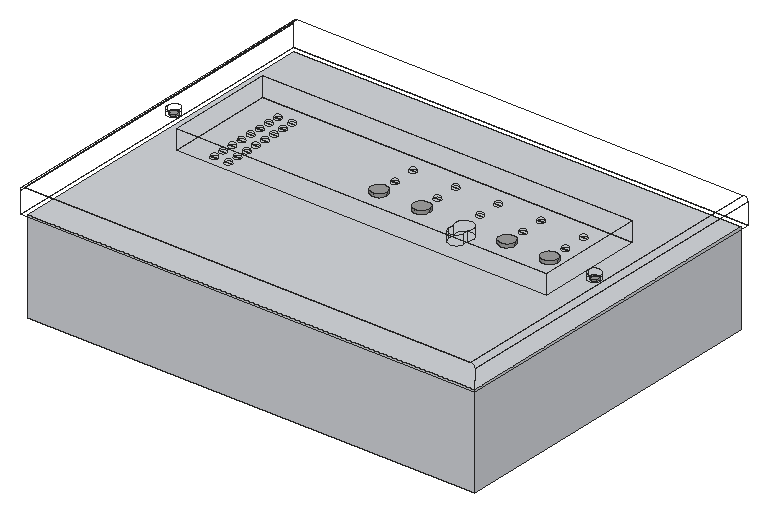
Revit family "Maxlogic Неадресный ПКП маленький корпус", category Fire Alarm Devices, host Face, Revit 2021
Family settings
  Host = Face
  Maintain Annotation Orientation = Yes
  Round Connector Dimension = Use Diameter
  Part Type = Normal
  OmniClass Number = 23.85.30.21
  OmniClass Title = Environmental Detection/Registration
  Cut with Voids When Loaded = No
  Shared = No
  Room Calculation Point = No
Parameters (values of type "Maxlogic Неадресный пожарный приемно-контрольный прибор, 8 шлейфов")
  Вес = "3450 гр"
  Монтажный короб для установки извещателя с поверхностной прокладкой кабеля = ""
  Гарантийный срок = "Года"
  Гарантийный срок запчастей = "2"
  Гарантия срока службы = "2"
  Версия = ""
  URL = "https://www.mavili.com.tr/"
  Монтажный комплект для установки извещателя в подвесной потолок = ""
  Номер позы общественных работ = ""
  Класс защиты = "IP 30"
  Код продукта = "ML-2228"
  Номер телефона = "(+)90 216 466 45 05"
  Рабочее напряжение (по умолчанию) = ""
  Диапазон рабочего напряжения = ""
  Рабочая Температура = "(-5°C) - (+40°C)"
  Номинальная глубина = "90 мм"
  Номинальная ширина = "320 мм"
  Номинальная высота = "240 мм"
  Монтажная поверхность = "Настенная"
  Монтажная высота = ""
  Model = "Maxlogic"
  Manufacturer = "Mavili Elektronik Ticaret A.Ş."
  Инструкция по установке = "https://mavilielektronik.com/Revit/ML222X_enkk.pdf"
  Выход индикации = ""
  Номер факса = "(+)90 216 466 45 10"
  Резервное питание = "220 В Перем. ток"
  Почта = "mavili@mavili.com.tr"
  Отказ = ""
  Настройка адреса устройства = ""
  Description = "Неадресный пожарный приемно-контрольный прибор, 8 шлейфов"
  Default Elevation = 0 mm
  Потребление тока = ""
  Валюта = ""
  Cost = 0
  Совместимые базы для монтажа = ""
  Цвет = "Белый"
  Производительность кода = "EN 54-2 / EN 54-4"
  Главный Материал = "Серый металлический"
  Вторичный материал = "Белый пластмассовый ABS"
  Аккумулятор = "2 X  (12В Пост. ток 2,1 Aм/ч. )"
  Адрес №1 = "Şerifali Mahallesi Kutup Sokak No:27/1-2-4 Ümraniye TR-34775 İSTANBUL"
  4 привело = yes
  2 привело = yes
Types (4, lengths in mm): name | Гарантийный срок | Код продукта | Description | Аккумулятор | 4 привело | 2 привело
  (no name) | "Года" | "ML-2228" | "Неадресный пожарный приемно-контрольный прибор, 8 шлейфов" | "2 X  (12В Пост. ток 2,1 Aм/ч. )" | yes | yes
  Maxlogic Неадресный пожарный приемно-контрольный прибор, 2 шлейфа | "Года" | "ML-2222" | "Неадресный пожарный приемно-контрольный прибор, 2 шлейфа" | "2 X (12В Пост. ток 2,1 Aм/ч. )" | no | no
  Maxlogic Неадресный пожарный приемно-контрольный прибор, 4 шлейфа | "Year" | "ML-2224" | "Неадресный пожарный приемно-контрольный прибор, 4 шлейфа" | "2 X  (12В Пост. ток 2,1 Aм/ч. )" | no | yes
  Maxlogic Неадресный пожарный приемно-контрольный прибор, 8 шлейфов | "Года" | "ML-2228" | "Неадресный пожарный приемно-контрольный прибор, 8 шлейфов" | "2 X  (12В Пост. ток 2,1 Aм/ч. )" | yes | yes
Reference planes
  plane 1 "Center (Front/Back)": y = 0
  plane 2: z = 0
  plane 3 "Center (Left/Right)": x = 0
Forms (mm)
  Extrusion 1, solid
    sketch origin (-157, 122, 0) x (0, 0, 1) y (0, 1, 0)
      loop
        line (65, -234) -> (65, 0) -> (0, 0) -> (0, -234) -> (65, -234)
    from -314 to 0
  Extrusion 2, solid, material "Mavili elektronik 1.renk"
    sketch origin (0, -113, -1508.98) x (0, 0, 1) y (1, 0, 0)
      loop
        line (1573.98, 160) -> (1573.98, -160) -> (1589.247, -160)
        arc (1589.247, -160) -> (1591.318, -159.184) -> (1592.276, -157.175) r 3.037
        arc (1592.276, -157.175) -> (1600.022, 0) -> (1592.276, 157.175) r 1598.503
        arc (1592.276, 157.175) -> (1591.318, 159.184) -> (1589.247, 160) r 3.037
        line (1589.247, 160) -> (1573.98, 160)
    from -2 to 238
  Extrusion 3, void
    sketch origin (160, -113.521, 62.996) x (0, 0, -1) y (0, -1, 0)
      loop
        line (-21.622, -174.473) -> (-21.622, -98.521) -> (-30.016, -98.521) -> (-30.016, -174.473) -> (-21.622, -174.473)
    from 30 to 290
  Extrusion 4, void
    sketch origin (160, 64.059, 84.618) x (1, 0, 0) y (0, -1, 0)
      loop
        line (-290, 79.059) -> (-290, 3.107) -> (-30, 3.107) -> (-30, 79.059) -> (-290, 79.059)
    from 12.691 to -8.393
  Revolve 5, solid, material "Glass"
    sketch origin (120.882, -201.005, 71.927) x (1, 0, 0) y (0, 1, 0)
      loop
        line (-227.382, 249) -> (-232.382, 249)
        arc (-232.382, 249) -> (-229.882, 246.5) -> (-227.382, 249) r 2.5
      axis (-232.382, 249) -> (-227.382, 249)
    angle from 0 to -180
  Revolve 6, solid, material "Glass"
    sketch origin (130.882, -201.005, 71.927) x (1, 0, 0) y (0, 1, 0)
      loop
        line (-227.382, 249) -> (-232.382, 249)
        arc (-232.382, 249) -> (-229.882, 246.5) -> (-227.382, 249) r 2.5
      axis (-232.382, 249) -> (-227.382, 249)
    angle from 0 to -180
  Revolve 7, solid, material "Glass", visible <- "2 привело"
    sketch origin (120.882, -217.005, 71.927) x (1, 0, 0) y (0, 1, 0)
      loop
        line (-227.382, 249) -> (-232.382, 249)
        arc (-232.382, 249) -> (-229.882, 246.5) -> (-227.382, 249) r 2.5
      axis (-232.382, 249) -> (-227.382, 249)
    angle from 0 to -180
  Revolve 8, solid, material "Glass", visible <- "2 привело"
    sketch origin (130.882, -217.005, 71.927) x (1, 0, 0) y (0, 1, 0)
      loop
        line (-227.382, 249) -> (-232.382, 249)
        arc (-232.382, 249) -> (-229.882, 246.5) -> (-227.382, 249) r 2.5
      axis (-232.382, 249) -> (-227.382, 249)
    angle from 0 to -180
  Revolve 9, solid, material "Glass", visible <- "2 привело"
    sketch origin (120.882, -225.005, 71.927) x (1, 0, 0) y (0, 1, 0)
      loop
        line (-227.382, 249) -> (-232.382, 249)
        arc (-232.382, 249) -> (-229.882, 246.5) -> (-227.382, 249) r 2.5
      axis (-232.382, 249) -> (-227.382, 249)
    angle from 0 to -180
  Revolve 10, solid, material "Glass", visible <- "2 привело"
    sketch origin (130.882, -225.005, 71.927) x (1, 0, 0) y (0, 1, 0)
      loop
        line (-227.382, 249) -> (-232.382, 249)
        arc (-232.382, 249) -> (-229.882, 246.5) -> (-227.382, 249) r 2.5
      axis (-232.382, 249) -> (-227.382, 249)
    angle from 0 to -180
  Revolve 11, solid, material "Glass", visible <- "4 привело"
    sketch origin (120.882, -232.995, 71.927) x (1, 0, 0) y (0, 1, 0)
      loop
        line (-227.382, 249) -> (-232.382, 249)
        arc (-232.382, 249) -> (-229.882, 246.5) -> (-227.382, 249) r 2.5
      axis (-232.382, 249) -> (-227.382, 249)
    angle from 0 to -180
  Revolve 12, solid, material "Glass", visible <- "4 привело"
    sketch origin (130.882, -232.995, 71.927) x (1, 0, 0) y (0, 1, 0)
      loop
        line (-227.382, 249) -> (-232.382, 249)
        arc (-232.382, 249) -> (-229.882, 246.5) -> (-227.382, 249) r 2.5
      axis (-232.382, 249) -> (-227.382, 249)
    angle from 0 to -180
  Revolve 13, solid, material "Glass", visible <- "4 привело"
    sketch origin (120.882, -240.995, 71.927) x (1, 0, 0) y (0, 1, 0)
      loop
        line (-227.382, 249) -> (-232.382, 249)
        arc (-232.382, 249) -> (-229.882, 246.5) -> (-227.382, 249) r 2.5
      axis (-232.382, 249) -> (-227.382, 249)
    angle from 0 to -180
  Revolve 14, solid, material "Glass", visible <- "4 привело"
    sketch origin (130.882, -240.995, 71.927) x (1, 0, 0) y (0, 1, 0)
      loop
        line (-227.382, 249) -> (-232.382, 249)
        arc (-232.382, 249) -> (-229.882, 246.5) -> (-227.382, 249) r 2.5
      axis (-232.382, 249) -> (-227.382, 249)
    angle from 0 to -180
  Revolve 15, solid, material "Glass", visible <- "4 привело"
    sketch origin (120.882, -249.005, 71.927) x (1, 0, 0) y (0, 1, 0)
      loop
        line (-227.382, 249) -> (-232.382, 249)
        arc (-232.382, 249) -> (-229.882, 246.5) -> (-227.382, 249) r 2.5
      axis (-232.382, 249) -> (-227.382, 249)
    angle from 0 to -180
  Revolve 16, solid, material "Glass", visible <- "4 привело"
    sketch origin (130.882, -249.005, 71.927) x (1, 0, 0) y (0, 1, 0)
      loop
        line (-227.382, 249) -> (-232.382, 249)
        arc (-232.382, 249) -> (-229.882, 246.5) -> (-227.382, 249) r 2.5
      axis (-232.382, 249) -> (-227.382, 249)
    angle from 0 to -180
  Revolve 17, solid, material "Glass", visible <- "4 привело"
    sketch origin (120.882, -256.995, 71.927) x (1, 0, 0) y (0, 1, 0)
      loop
        line (-227.382, 249) -> (-232.382, 249)
        arc (-232.382, 249) -> (-229.882, 246.5) -> (-227.382, 249) r 2.5
      axis (-232.382, 249) -> (-227.382, 249)
    angle from 0 to -180
  Revolve 18, solid, material "Glass", visible <- "4 привело"
    sketch origin (130.882, -256.995, 71.927) x (1, 0, 0) y (0, 1, 0)
      loop
        line (-227.382, 249) -> (-232.382, 249)
        arc (-232.382, 249) -> (-229.882, 246.5) -> (-227.382, 249) r 2.5
      axis (-232.382, 249) -> (-227.382, 249)
    angle from 0 to -180
  Revolve 19, solid, material "Glass"
    sketch origin (215.882, -201.005, 71.927) x (1, 0, 0) y (0, 1, 0)
      loop
        line (-227.382, 249) -> (-232.382, 249)
        arc (-232.382, 249) -> (-229.882, 246.5) -> (-227.382, 249) r 2.5
      axis (-232.382, 249) -> (-227.382, 249)
    angle from 0 to -180
  Revolve 20, solid, material "Glass"
    sketch origin (215.882, -216.995, 71.927) x (1, 0, 0) y (0, 1, 0)
      loop
        line (-227.382, 249) -> (-232.382, 249)
        arc (-232.382, 249) -> (-229.882, 246.5) -> (-227.382, 249) r 2.5
      axis (-232.382, 249) -> (-227.382, 249)
    angle from 0 to -180
  Revolve 21, solid, material "Glass"
    sketch origin (245.882, -201, 71.927) x (1, 0, 0) y (0, 1, 0)
      loop
        line (-227.382, 249) -> (-232.382, 249)
        arc (-232.382, 249) -> (-229.882, 246.5) -> (-227.382, 249) r 2.5
      axis (-232.382, 249) -> (-227.382, 249)
    angle from 0 to -180
  Revolve 22, solid, material "Glass"
    sketch origin (245.882, -217, 71.927) x (1, 0, 0) y (0, 1, 0)
      loop
        line (-227.382, 249) -> (-232.382, 249)
        arc (-232.382, 249) -> (-229.882, 246.5) -> (-227.382, 249) r 2.5
      axis (-232.382, 249) -> (-227.382, 249)
    angle from 0 to -180
  Revolve 23, solid, material "Glass"
    sketch origin (275.882, -201, 71.927) x (1, 0, 0) y (0, 1, 0)
      loop
        line (-227.382, 249) -> (-232.382, 249)
        arc (-232.382, 249) -> (-229.882, 246.5) -> (-227.382, 249) r 2.5
      axis (-232.382, 249) -> (-227.382, 249)
    angle from 0 to -180
  Revolve 24, solid, material "Glass"
    sketch origin (275.882, -217, 71.927) x (1, 0, 0) y (0, 1, 0)
      loop
        line (-227.382, 249) -> (-232.382, 249)
        arc (-232.382, 249) -> (-229.882, 246.5) -> (-227.382, 249) r 2.5
      axis (-232.382, 249) -> (-227.382, 249)
    angle from 0 to -180
  Revolve 25, solid, material "Glass"
    sketch origin (305.882, -201, 71.927) x (1, 0, 0) y (0, 1, 0)
      loop
        line (-227.382, 249) -> (-232.382, 249)
        arc (-232.382, 249) -> (-229.882, 246.5) -> (-227.382, 249) r 2.5
      axis (-232.382, 249) -> (-227.382, 249)
    angle from 0 to -180
  Revolve 26, solid, material "Glass"
    sketch origin (305.882, -217, 71.927) x (1, 0, 0) y (0, 1, 0)
      loop
        line (-227.382, 249) -> (-232.382, 249)
        arc (-232.382, 249) -> (-229.882, 246.5) -> (-227.382, 249) r 2.5
      axis (-232.382, 249) -> (-227.382, 249)
    angle from 0 to -180
  Revolve 27, solid, material "Glass"
    sketch origin (335.882, -201, 71.927) x (1, 0, 0) y (0, 1, 0)
      loop
        line (-227.382, 249) -> (-232.382, 249)
        arc (-232.382, 249) -> (-229.882, 246.5) -> (-227.382, 249) r 2.5
      axis (-232.382, 249) -> (-227.382, 249)
    angle from 0 to -180
  Revolve 28, solid, material "Glass"
    sketch origin (335.882, -217, 71.927) x (1, 0, 0) y (0, 1, 0)
      loop
        line (-227.382, 249) -> (-232.382, 249)
        arc (-232.382, 249) -> (-229.882, 246.5) -> (-227.382, 249) r 2.5
      axis (-232.382, 249) -> (-227.382, 249)
    angle from 0 to -180
  Extrusion 29, void
    sketch origin (160, 64.059, 84.618) x (1, 0, 0) y (0, -1, 0)
      loop
        circle (-308, 59.059) r 4.5
    from -1.047 to 4.618
  Extrusion 30, void
    sketch origin (456, 64.059, 84.618) x (1, 0, 0) y (0, -1, 0)
      loop
        circle (-308, 59.059) r 4.5
    from -1.047 to 4.618
  Extrusion 31, solid, material "siyah"
    sketch origin (160, 64.059, 80.03) x (0, -1, 0) y (1, 0, 0)
      loop
        line (60.559, -305.402) -> (57.559, -305.402) -> (56.059, -308) -> (57.559, -310.598) -> (60.559, -310.598) -> (62.059, -308) -> (60.559, -305.402)
    from 0 to 1
  Extrusion 32, solid, material "siyah"
    sketch origin (456, 64.059, 80.03) x (0, -1, 0) y (1, 0, 0)
      loop
        line (60.559, -305.402) -> (57.559, -305.402) -> (56.059, -308) -> (57.559, -310.598) -> (60.559, -310.598) -> (62.059, -308) -> (60.559, -305.402)
    from 0 to 1
  Extrusion 33, solid, material "siyah"
    sketch origin (189.382, -159.5, 72) x (1, 0, 0) y (0, 1, 0)
      loop
        circle (-83.382, 177.5) r 5.5
    from 0 to 2
  Extrusion 34, solid, material "siyah"
    sketch origin (159.382, -159.5, 72) x (1, 0, 0) y (0, 1, 0)
      loop
        circle (-83.382, 177.5) r 5.5
    from 0 to 2
  Extrusion 35, solid, material "siyah"
    sketch origin (99.382, -159.5, 72) x (1, 0, 0) y (0, 1, 0)
      loop
        circle (-83.382, 177.5) r 5.5
    from 0 to 2
  Extrusion 36, solid, material "siyah"
    sketch origin (69.382, -159.5, 72) x (1, 0, 0) y (0, 1, 0)
      loop
        circle (-83.382, 177.5) r 5.5
    from 0 to 2
  Extrusion 37, void
    sketch origin (160, 64.059, 84.618) x (1, 0, 0) y (0, -1, 0)
      loop
        line (-110.85, 48.761) -> (-110.85, 53.059)
        arc (-110.85, 53.059) -> (-114, 56.209) -> (-117.15, 53.059) r 3.15
        line (-117.15, 53.059) -> (-117.15, 48.761)
        arc (-117.15, 48.761) -> (-114, 41.909) -> (-110.85, 48.761) r 4.15
    from 0 to 22.618
  Extrusion 38, void
    sketch origin (160, 64.059, 84.618) x (1, 0, 0) y (0, -1, 0)
      loop
        line (-108.85, 49.421) -> (-108.85, 53.059)
        arc (-108.85, 53.059) -> (-114, 58.209) -> (-119.15, 53.059) r 5.15
        line (-119.15, 53.059) -> (-119.15, 49.421)
        arc (-119.15, 49.421) -> (-114, 39.909) -> (-108.85, 49.421) r 6.15
    from 0 to 22.618
  Revolve 39, solid, material "Glass"
    sketch origin (120.882, -209.005, 71.927) x (1, 0, 0) y (0, 1, 0)
      loop
        line (-227.382, 249) -> (-232.382, 249)
        arc (-232.382, 249) -> (-229.882, 246.5) -> (-227.382, 249) r 2.5
      axis (-232.382, 249) -> (-227.382, 249)
    angle from 0 to -180
  Revolve 40, solid, material "Glass"
    sketch origin (130.882, -209.005, 71.927) x (1, 0, 0) y (0, 1, 0)
      loop
        line (-227.382, 249) -> (-232.382, 249)
        arc (-232.382, 249) -> (-229.882, 246.5) -> (-227.382, 249) r 2.5
      axis (-232.382, 249) -> (-227.382, 249)
    angle from 0 to -180
Cuts and joins
  Extrusion 3, Extrusion 4, Extrusion 29, Extrusion 30, Extrusion 37, Extrusion 38 cuts Extrusion 2
Dimensions and locks
  aligned and locked: plane 2 to host face
  aligned and locked: level to host face
